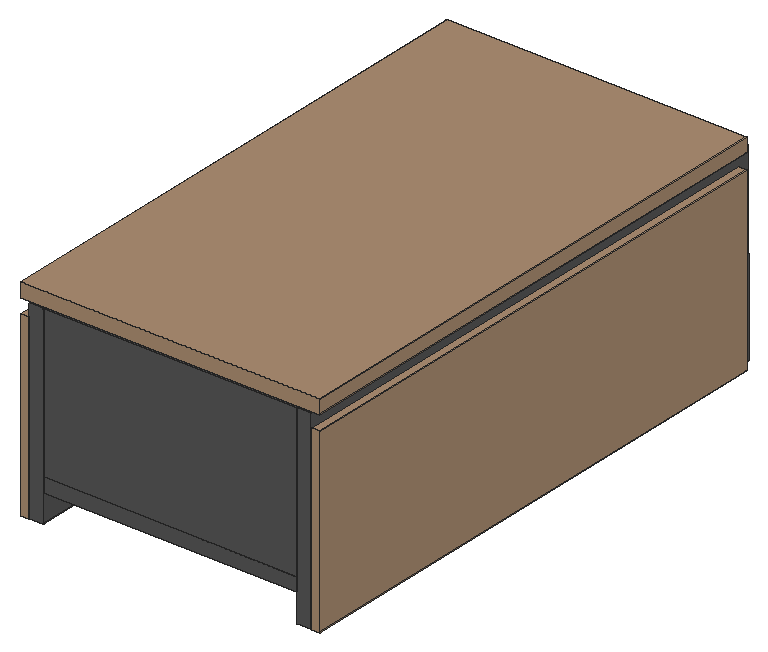
Revit family "Sanitary_Compound-Units_hansgrohe_54244XXX-Xilesa-E-Vanity-unit_340-240_handrise-basin_hinge-right", category Furniture, host Face, Revit 2022
Family settings
  Host = Face
  OmniClass Number = 23.21.19.15.33.13
  OmniClass Title = Residential Bathroom Specialty Casework
  Cut with Voids When Loaded = No
  Render Appearance Source = Family Geometry
  Shared = No
  Room Calculation Point = No
Parameters (values of type "550 Cashmere Oak")
  Version = 1  # constant formula
  URL = "https://www.hansgrohe.com/"
  Product data url = "https://www.bimobject.com/en/hansgrohe/product/54244XXX"
  Product Page URL = "https://www.hansgrohe.com/articledetail--54244550"
  Model = "54244XXX"  # constant formula
  Material 3 = Hansgrohe - Metal - Black
  Material 2 = Hansgrohe - MDF - Matt Black
  Material 1 = Hansgrohe - MDF - 550 Cashmere Oak
  Manufacturer = "Hansgrohe"  # constant formula
  Height = 0 mm
  Description = "Xilesa E Vanity unit 340/240 for handrinse basin, door hinge right"  # constant formula
  Default Elevation = 0 mm
  Date Updated = ""
  Date Created = "2024/02/03"  # constant formula
Types (5, lengths in mm): name | Material 1
  (no name) | Hansgrohe - MDF - 550 Cashmere Oak
  550 Cashmere Oak | Hansgrohe - MDF - 550 Cashmere Oak
  700 Matt White | Hansgrohe - MDF - 700 Matt White
  760 Slate Matt Grey | Hansgrohe - MDF - 760 Slate Matt Grey
  780 Sand Matt Beige | Hansgrohe - MDF - 780 Sand Matt Beige
Reference planes
  plane 1 "Center (Front/Back)": y = 0
  plane 2: z = 0
  plane 3 "Center (Left/Right)": x = 0
  plane 4: x = 170
  plane 5: x = -170
  plane 6: y = -620
  plane 7: z = 238
Dimensions and locks
  aligned and locked: plane 2 to host face
  aligned and locked: level to host face
Nested families
  nested 1: "54244XX" at (0, -620, 0) x (1, 0, 0) z (0, 1, 0), Material 1 <- "Material 1", Material 2 <- "Material 2", Material 3 <- "Material 3", type "54244XX"
    with Material 3 Hansgrohe - Metal - Black, Material 2 Hansgrohe - MDF - Matt Black, Material 1 Hansgrohe - MDF - 550 Cashmere Oak
Definition of nested family "54244XX"
  Parameters (values of type "54244XX")
    Version = 1  # constant formula
    URL = "https://www.hansgrohe.com/"
    Product data url = "https://www.bimobject.com/en/hansgrohe/product/54244XXX"
    Product Page URL = "https://www.hansgrohe.com/articledetail--54244550"
    Model = "54244XXX"  # constant formula
    Material 3 [instance] = none
    Material 2 [instance] = none
    Material 1 [instance] = none
    Manufacturer = "Hansgrohe"  # constant formula
    Description = "Xilesa E Vanity unit 340/240 for handrinse basin, door hinge right"  # constant formula
    Default Elevation = 1219.2 mm
    Date Updated = ""
    Date Created = "2024/12/16"  # constant formula
  Reference planes
    plane 1 "Center (Front/Back)": y = 0
    plane 2: z = 0
    plane 3 "Center (Left/Right)": x = 0
  Forms (mm)
    Extrusion 1, solid, material <- "Material 1", detail levels medium+fine
      sketch origin (0, 0, 0) x (1, 0, 0) y (0, 1, 0)
        loop
          line (-160.6, 0) -> (-169.2, 0)
          arc (-169.2, 0) -> (-169.766, -0.234) -> (-170, -0.8) r 0.8
          line (-170, -0.8) -> (-170, -203.9)
          arc (-170, -203.9) -> (-169.766, -204.466) -> (-169.2, -204.7) r 0.8
          line (-169.2, -204.7) -> (-160.6, -204.7)
          arc (-160.6, -204.7) -> (-160.034, -204.466) -> (-159.8, -203.9) r 0.8
          line (-159.8, -203.9) -> (-159.8, -0.8)
          arc (-159.8, -0.8) -> (-160.034, -0.234) -> (-160.6, 0) r 0.8
        loop
          arc (160.6, 0) -> (160.034, -0.234) -> (159.8, -0.8) r 0.8
          line (159.8, -0.8) -> (159.8, -203.9)
          arc (159.8, -203.9) -> (160.034, -204.466) -> (160.6, -204.7) r 0.8
          line (160.6, -204.7) -> (169.2, -204.7)
          arc (169.2, -204.7) -> (169.766, -204.466) -> (170, -203.9) r 0.8
          line (170, -203.9) -> (170, -0.8)
          arc (170, -0.8) -> (169.766, -0.234) -> (169.2, 0) r 0.8
          line (169.2, 0) -> (160.6, 0)
      from 0 to 605
    Extrusion 2, solid, material <- "Material 1", detail levels medium+fine
      sketch origin (0, 0, 0) x (1, 0, 0) y (0, 1, 0)
        loop
          line (-169.2, -238) -> (169.2, -238)
          arc (169.2, -238) -> (169.766, -237.766) -> (170, -237.2) r 0.8
          line (170, -237.2) -> (170, -222.5)
          arc (170, -222.5) -> (169.766, -221.934) -> (169.2, -221.7) r 0.8
          line (169.2, -221.7) -> (-169.2, -221.7)
          arc (-169.2, -221.7) -> (-169.766, -221.934) -> (-170, -222.5) r 0.8
          line (-170, -222.5) -> (-170, -237.2)
          arc (-170, -237.2) -> (-169.766, -237.766) -> (-169.2, -238) r 0.8
      from 0 to 605
    Extrusion 3, solid, material <- "Material 2", detail levels medium+fine
      sketch origin (0, 0, 0) x (1, 0, 0) y (0, 1, 0)
        loop
          line (-159.8, -0.8) -> (-159.8, -218.9)
          arc (-159.8, -218.9) -> (-159.566, -219.466) -> (-159, -219.7) r 0.8
          line (-159, -219.7) -> (-144.6, -219.7)
          arc (-144.6, -219.7) -> (-144.034, -219.466) -> (-143.8, -218.9) r 0.8
          line (-143.8, -218.9) -> (-143.8, -0.8)
          arc (-143.8, -0.8) -> (-144.034, -0.234) -> (-144.6, 0) r 0.8
          line (-144.6, 0) -> (-159, 0)
          arc (-159, 0) -> (-159.566, -0.234) -> (-159.8, -0.8) r 0.8
        loop
          arc (159.8, -0.8) -> (159.566, -0.234) -> (159, 0) r 0.8
          line (159, 0) -> (144.6, 0)
          arc (144.6, 0) -> (144.034, -0.234) -> (143.8, -0.8) r 0.8
          line (143.8, -0.8) -> (143.8, -218.9)
          arc (143.8, -218.9) -> (144.034, -219.466) -> (144.6, -219.7) r 0.8
          line (144.6, -219.7) -> (159, -219.7)
          arc (159, -219.7) -> (159.566, -219.466) -> (159.8, -218.9) r 0.8
          line (159.8, -218.9) -> (159.8, -0.8)
      from 0 to 620
    Extrusion 4, solid, material <- "Material 2", detail levels fine
      sketch origin (0, 0, 0) x (1, 0, 0) y (0, 1, 0)
        loop
          line (-143.8, -32.2) -> (-143.8, -48.2) -> (143.8, -48.2) -> (143.8, -32.2) -> (-143.8, -32.2)
      from 0 to 125.5
    Extrusion 5, solid, material <- "Material 2", detail levels fine
      sketch origin (0, 0, 0) x (1, 0, 0) y (0, 1, 0)
        loop
          line (-143.8, -48.2) -> (-143.8, -219.2) -> (143.8, -219.2) -> (143.8, -48.2) -> (-143.8, -48.2)
      from 0 to 17
    Extrusion 6, solid, material <- "Material 3", detail levels fine
      sketch origin (0, 0, 0) x (1, 0, 0) y (0, 1, 0)
        loop
          line (-142.3, -216.9) -> (-142.3, -189.2) -> (-143.8, -189.2) -> (-143.8, -216.9)
          arc (-143.8, -216.9) -> (-143.126, -218.526) -> (-141.5, -219.2) r 2.3
          line (-141.5, -219.2) -> (141.5, -219.2)
          arc (141.5, -219.2) -> (143.126, -218.526) -> (143.8, -216.9) r 2.3
          line (143.8, -216.9) -> (143.8, -189.2) -> (142.3, -189.2) -> (142.3, -216.9)
          arc (142.3, -216.9) -> (142.066, -217.466) -> (141.5, -217.7) r 0.8
          line (141.5, -217.7) -> (-141.5, -217.7)
          arc (-141.5, -217.7) -> (-142.066, -217.466) -> (-142.3, -216.9) r 0.8
      from 569.5 to 619.5
    Extrusion 7, solid, material <- "Material 1", detail levels coarse
      sketch origin (0, 0, 0) x (1, 0, 0) y (0, 1, 0)
        loop
          line (-170, 0) -> (-170, -238) -> (170, -238) -> (170, 0) -> (143.8, 0) -> (143.8, -221.7) -> (0, -221.7) -> (-143.8, -221.7) -> (-143.8, 0) -> (-170, 0)
      from 0 to 620
    Extrusion 8, solid, material <- "Material 3", detail levels fine
      sketch origin (0, 0, 0) x (-1, 0, 0) y (0, 0, -1)
        loop
          arc (-119.8, -482) -> (-120.972, -479.172) -> (-123.8, -478) r 4
          line (-123.8, -478) -> (-138.8, -478)
          arc (-138.8, -478) -> (-141.628, -479.172) -> (-142.8, -482) r 4
          line (-142.8, -482) -> (-142.8, -540)
          arc (-142.8, -540) -> (-141.628, -542.829) -> (-138.8, -544) r 4
          line (-138.8, -544) -> (-123.8, -544)
          arc (-123.8, -544) -> (-120.972, -542.829) -> (-119.8, -540) r 4
          line (-119.8, -540) -> (-119.8, -482)
      from 218.9 to 221.7
    Extrusion 9, solid, material <- "Material 3", detail levels fine
      sketch origin (0, 0, 0) x (0, 1, 0) y (0, 0, -1)
        loop
          arc (-149.706, -520.501) -> (-147.938, -519.768) -> (-147.206, -518.001) r 2.5
          line (-147.206, -518.001) -> (-147.206, -504.001)
          arc (-147.206, -504.001) -> (-147.938, -502.233) -> (-149.706, -501.501) r 2.5
          line (-149.706, -501.501) -> (-172.206, -501.501)
          arc (-172.206, -501.501) -> (-175.035, -500.329) -> (-176.206, -497.501) r 4
          line (-176.206, -497.501) -> (-176.206, -489.501)
          arc (-176.206, -489.501) -> (-176.938, -487.733) -> (-178.706, -487.001) r 2.5
          line (-178.706, -487.001) -> (-188.706, -487.001)
          arc (-188.706, -487.001) -> (-190.474, -487.733) -> (-191.206, -489.501) r 2.5
          line (-191.206, -489.501) -> (-191.206, -497.501)
          arc (-191.206, -497.501) -> (-192.378, -500.329) -> (-195.206, -501.501) r 4
          line (-195.206, -501.501) -> (-206.544, -501.501) -> (-206.544, -520.501) -> (-195.206, -520.501)
          arc (-195.206, -520.501) -> (-192.378, -521.672) -> (-191.206, -524.501) r 4
          line (-191.206, -524.501) -> (-191.206, -532.501)
          arc (-191.206, -532.501) -> (-190.474, -534.268) -> (-188.706, -535.001) r 2.5
          line (-188.706, -535.001) -> (-178.706, -535.001)
          arc (-178.706, -535.001) -> (-176.938, -534.268) -> (-176.206, -532.501) r 2.5
          line (-176.206, -532.501) -> (-176.206, -524.501)
          arc (-176.206, -524.501) -> (-175.035, -521.672) -> (-172.206, -520.501) r 4
          line (-172.206, -520.501) -> (-149.706, -520.501)
      from -143.8 to -140.45
    Extrusion 10, solid, material <- "Material 3", detail levels fine
      sketch origin (0, 0, 0) x (-1, 0, 0) y (0, -1, 0)
        loop
          line (-126.45, 219.2) -> (-140.45, 219.2) -> (-140.45, 147.206) -> (-138.299, 147.206) -> (-138.299, 155.486) -> (-133.066, 160.422) -> (-130.658, 160.187) -> (-126.45, 219.2)
      from 504.25 to 517.75
    Extrusion 11, solid, material <- "Material 3", detail levels fine
      sketch origin (0, 0, -417) x (-1, 0, 0) y (0, 0, -1)
        loop
          arc (-119.8, -482) -> (-120.972, -479.172) -> (-123.8, -478) r 4
          line (-123.8, -478) -> (-138.8, -478)
          arc (-138.8, -478) -> (-141.628, -479.172) -> (-142.8, -482) r 4
          line (-142.8, -482) -> (-142.8, -540)
          arc (-142.8, -540) -> (-141.628, -542.829) -> (-138.8, -544) r 4
          line (-138.8, -544) -> (-123.8, -544)
          arc (-123.8, -544) -> (-120.972, -542.829) -> (-119.8, -540) r 4
          line (-119.8, -540) -> (-119.8, -482)
      from 218.9 to 221.7
    Extrusion 12, solid, material <- "Material 3", detail levels fine
      sketch origin (0, 0, -417) x (0, 1, 0) y (0, 0, -1)
        loop
          arc (-149.706, -520.501) -> (-147.938, -519.768) -> (-147.206, -518.001) r 2.5
          line (-147.206, -518.001) -> (-147.206, -504.001)
          arc (-147.206, -504.001) -> (-147.938, -502.233) -> (-149.706, -501.501) r 2.5
          line (-149.706, -501.501) -> (-172.206, -501.501)
          arc (-172.206, -501.501) -> (-175.035, -500.329) -> (-176.206, -497.501) r 4
          line (-176.206, -497.501) -> (-176.206, -489.501)
          arc (-176.206, -489.501) -> (-176.938, -487.733) -> (-178.706, -487.001) r 2.5
          line (-178.706, -487.001) -> (-188.706, -487.001)
          arc (-188.706, -487.001) -> (-190.474, -487.733) -> (-191.206, -489.501) r 2.5
          line (-191.206, -489.501) -> (-191.206, -497.501)
          arc (-191.206, -497.501) -> (-192.378, -500.329) -> (-195.206, -501.501) r 4
          line (-195.206, -501.501) -> (-206.544, -501.501) -> (-206.544, -520.501) -> (-195.206, -520.501)
          arc (-195.206, -520.501) -> (-192.378, -521.672) -> (-191.206, -524.501) r 4
          line (-191.206, -524.501) -> (-191.206, -532.501)
          arc (-191.206, -532.501) -> (-190.474, -534.268) -> (-188.706, -535.001) r 2.5
          line (-188.706, -535.001) -> (-178.706, -535.001)
          arc (-178.706, -535.001) -> (-176.938, -534.268) -> (-176.206, -532.501) r 2.5
          line (-176.206, -532.501) -> (-176.206, -524.501)
          arc (-176.206, -524.501) -> (-175.035, -521.672) -> (-172.206, -520.501) r 4
          line (-172.206, -520.501) -> (-149.706, -520.501)
      from -143.8 to -140.45
    Extrusion 13, solid, material <- "Material 3", detail levels fine
      sketch origin (0, 0, -417) x (-1, 0, 0) y (0, -1, 0)
        loop
          line (-126.45, 219.2) -> (-140.45, 219.2) -> (-140.45, 147.206) -> (-138.299, 147.206) -> (-138.299, 155.486) -> (-133.066, 160.422) -> (-130.658, 160.187) -> (-126.45, 219.2)
      from 504.25 to 517.75
  Lines and regions (mm)
    Masking region 1
      outline origin (0, 0, 0) x (1, 0, 0) y (0, 1, 0)
        loop
          line (-144.6, 0) -> (-159.8, 0) -> (-169.2, 0)
          arc (-169.2, 0) -> (-169.766, -0.234) -> (-170, -0.8) r 0.8
          line (-170, -0.8) -> (-170, -203.9)
          arc (-170, -203.9) -> (-169.766, -204.466) -> (-169.2, -204.7) r 0.8
          line (-169.2, -204.7) -> (-159.8, -204.7) -> (-159.8, -221.7) -> (-169.2, -221.7)
          arc (-169.2, -221.7) -> (-169.766, -221.934) -> (-170, -222.5) r 0.8
          line (-170, -222.5) -> (-170, -237.2)
          arc (-170, -237.2) -> (-169.766, -237.766) -> (-169.2, -238) r 0.8
          line (-169.2, -238) -> (0, -238) -> (169.2, -238)
          arc (169.2, -238) -> (169.766, -237.766) -> (170, -237.2) r 0.8
          line (170, -237.2) -> (170, -222.5)
          arc (170, -222.5) -> (169.766, -221.934) -> (169.2, -221.7) r 0.8
          line (169.2, -221.7) -> (159.8, -221.7) -> (159.8, -204.7) -> (169.2, -204.7)
          arc (169.2, -204.7) -> (169.766, -204.466) -> (170, -203.9) r 0.8
          line (170, -203.9) -> (170, -0.8)
          arc (170, -0.8) -> (169.766, -0.234) -> (169.2, 0) r 0.8
          line (169.2, 0) -> (159.8, 0) -> (144.6, 0)
          arc (144.6, 0) -> (144.034, -0.234) -> (143.8, -0.8) r 0.8
          line (143.8, -0.8) -> (143.8, -32.2) -> (0, -32.2) -> (-143.8, -32.2) -> (-143.8, -0.8)
          arc (-143.8, -0.8) -> (-144.034, -0.234) -> (-144.6, 0) r 0.8
    Masking region 2
      outline origin (0, 0, 0) x (0, 1, 0) y (0, 0, 1)
        loop
          line (-0.8, 620) -> (-218.9, 620)
          arc (-218.9, 620) -> (-219.466, 619.766) -> (-219.7, 619.2) r 0.8
          line (-219.7, 619.2) -> (-219.7, 589.237) -> (-221.7, 589.237) -> (-221.7, 604.2)
          arc (-221.7, 604.2) -> (-221.934, 604.766) -> (-222.5, 605) r 0.8
          line (-222.5, 605) -> (-237.2, 605)
          arc (-237.2, 605) -> (-237.766, 604.766) -> (-238, 604.2) r 0.8
          line (-238, 604.2) -> (-238, 0.8)
          arc (-238, 0.8) -> (-237.766, 0.234) -> (-237.2, 0) r 0.8
          line (-237.2, 0) -> (-222.5, 0)
          arc (-222.5, 0) -> (-221.934, 0.234) -> (-221.7, 0.8) r 0.8
          line (-221.7, 0.8) -> (-221.7, 15.725) -> (-219.7, 15.725) -> (-219.7, 0.8)
          arc (-219.7, 0.8) -> (-219.466, 0.234) -> (-218.9, 0) r 0.8
          line (-218.9, 0) -> (-0.8, 0)
          arc (-0.8, 0) -> (-0.234, 0.234) -> (0, 0.8) r 0.8
          line (0, 0.8) -> (0, 619.2)
          arc (0, 619.2) -> (-0.234, 619.766) -> (-0.8, 620) r 0.8
    Masking region 3
      outline origin (0, 0, 0) x (1, 0, 0) y (0, 0, 1)
        loop
          line (-159.8, 605) -> (-170, 605) -> (-170, 0) -> (0, 0) -> (170, 0) -> (170, 605) -> (159.8, 605) -> (159.8, 619.5) -> (0, 619.5) -> (-159.8, 619.5) -> (-159.8, 605)
    symbolic lines, detail levels medium+fine
      curve 1: line (0, -48.2, 0) -> (-143.8, -48.2, 0)
      curve 2: line (-143.8, -32.2, 0) -> (-143.8, -219.2, 0)
      curve 3: line (-159.8, 0, 0) -> (-159.8, -204.7, 0)
      curve 4: line (-143.8, -219.2, 0) -> (0, -219.2, 0)
      curve 5: line (-159.8, -221.7, 0) -> (0, -221.7, 0)
      curve 6: line (-143.8, -219.2, 0) -> (-159.8, -219.2, 0)
      curve 9: line (0, -221.7, 589.237) -> (0, -221.7, 24.3)
      curve 10: line (0, -221.7, 24.3) -> (0, -219.7, 24.3)
      curve 11: line (0, -219.7, 24.3) -> (0, -219.7, 580.649)
      curve 12: line (0, -219.7, 580.649) -> (0, -221.7, 580.649)
      curve 13: line (0, -219.7, 24.3) -> (0, -219.7, 15.725)
      curve 14: line (0, -221.7, 24.3) -> (0, -221.7, 15.725)
      curve 15: line (0, -219.7, 589.237) -> (0, -219.7, 580.649)
      curve 19: line (-159.8, 0, 605) -> (159.8, 0, 605)
      curve 22: line (0, -48.2, 0) -> (143.8, -48.2, 0)
      curve 23: line (143.8, -32.2, 0) -> (143.8, -219.2, 0)
      curve 24: line (159.8, 0, 0) -> (159.8, -204.7, 0)
      curve 25: line (143.8, -219.2, 0) -> (0, -219.2, 0)
      curve 26: line (159.8, -221.7, 0) -> (0, -221.7, 0)
      curve 27: line (143.8, -219.2, 0) -> (159.8, -219.2, 0)
    symbolic lines, detail levels fine
      curve 7: line (0, -199.2, 0) -> (-143.8, -199.2, 0)
      curve 8: arc (-158.697, -219.2, 0) -> (-151.8, -221.7, 0) -> (-144.903, -219.2, 0) r 10.763
      curve 16: line (0, 0, 605) -> (0, -203.9, 605)
      curve 17: line (0, -204.7, 604.2) -> (0, -204.7, 0)
      curve 18: arc (0, -203.9, 605) -> (0, -204.466, 604.766) -> (0, -204.7, 604.2) r 0.8
      curve 20: line (-143.8, 0, 619.5) -> (-143.8, 0, 605)
      curve 21: line (143.8, 0, 619.5) -> (143.8, 0, 605)
      curve 28: line (0, -199.2, 0) -> (143.8, -199.2, 0)
      curve 29: arc (158.697, -219.2, 0) -> (151.8, -221.7, 0) -> (144.903, -219.2, 0) r 10.763
      curve 30: line (120, -221.7, 0) -> (120, -219.2, 0)
      curve 31: line (143, -221.7, 0) -> (143, -219.2, 0)
      curve 32: line (125.77, -199.2, 0) -> (128.567, -159.982, 0)
      curve 33: line (138.299, -147.206, 0) -> (143.8, -147.206, 0)
      curve 34: line (138.299, -155.486, 0) -> (138.299, -147.206, 0)
      curve 35: line (133.066, -160.422, 0) -> (138.299, -155.486, 0)
      curve 36: line (128.567, -159.982, 0) -> (133.066, -160.422, 0)
      curve 37: line (140.5, -147.206, 0) -> (140.5, -199.2, 0)
      curve 38: line (133.066, -160.422, 0) -> (140.5, -161.148, 0)
  Dimensions and locks
    aligned and locked: level to plane 2
